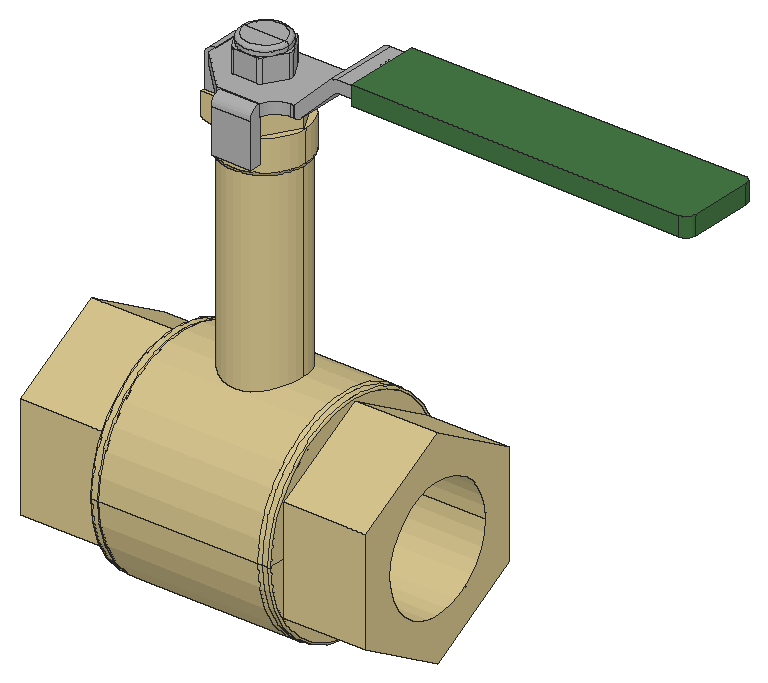
Revit family "QD24160000", category Apparecchi idraulici, Revit 2016
Family settings
  Tipo di parte = Normale
  Quota connettore circolare = Usa diametro
  Numero OmniClass = 23.45.00.00
  Titolo OmniClass = Sanitary, Laundry, and Cleaning Equipment
  Basato su piano di lavoro = No
  Sempre verticale = Sì
  Taglio con vuoti quando caricato = No
  Condiviso = No
  Punto di calcolo locali = No
Parameters
  URL = "https://web.cimberio.it/index.php/figura/1474?subcategoria_id=102"
  Produttore = "CIMBERIO SPA"
  DN Model [instance] = QD24161032 : QD24161032
  DN [instance] = 32 mm
Reference planes
  plane 1 "Centro (Fronte/Retro)": y = 0
  plane 2: z = 0
  plane 3 "Centro (Sinistra/Destra)": x = 0
Dimensions and locks
  aligned and locked: level to plane 2
Nested families
  nested 1: "QD24161032" at (0, 0, 0), type <- "DN Model", type "QD24161032"
    with DN 10 mm
  nested 2: "QD24161032" at (0, 0, 0), type <- "DN Model", type "QD24161032"
    with DN 10 mm
  nested 3: "QD24161032" at (0, 0, 0), type <- "DN Model", type "QD24161032"
    with DN 10 mm
  nested 4: "QD24161032" at (0, 0, 0), type <- "DN Model", type "QD24161032"
    with DN 10 mm
  nested 5: "QD24161032" at (0, 0, 0), type <- "DN Model", type "QD24161032"
    with DN 10 mm
  nested 6: "QD24161032" at (0, 0, 0), type <- "DN Model", type "QD24161032"
    with DN 10 mm
Connectors
  piping at (45.85, 0, 0), diameter 32, driven by "DN"
    settings: on nested 1, index 1, connector inside diameter 609.6 mm, connector length 0 mm, flow factor 0, pipe flow 0.0 L/s, pressure drop 0.0 Pa, fitting loss kfactor 0, connector angle 0.00°, fixture units 0, engagement length 0 mm, angle of deflection 0.00°, flow configuration 0, flow direction 0, fitting loss method 0, system type 7, joint type 0, gender type 0, connector reference index -1, connector utility 0, adjustable connector no, is connector primary yes, connector description ""
  piping at (-45.85, 0, 0), diameter 32, driven by "DN"
    settings: on nested 1, index 2, connector inside diameter 609.6 mm, connector length 0 mm, flow factor 0, pipe flow 0.0 L/s, pressure drop 0.0 Pa, fitting loss kfactor 0, connector angle 0.00°, fixture units 0, engagement length 0 mm, angle of deflection 0.00°, flow configuration 0, flow direction 0, fitting loss method 0, system type 7, joint type 0, gender type 0, connector reference index -1, connector utility 0, adjustable connector no, is connector primary no, connector description ""
Definition of nested family "QD24161032"
  Parameters (values of type "QD24161032")
    DN [instance] = 10 mm  # constant formula
  Reference planes
    plane 1 "Centro (Fronte/Retro)": y = 0
    plane 2: z = 0
    plane 3 "Centro (Sinistra/Destra)": x = 0
  Forms (mm)
    Revolve 1, solid
      sketch origin (0, 0, 0) x (1, 0, 0) y (0, 1, 0)
        loop
          arc (23.85, 27.75) -> (23.704, 28.104) -> (23.35, 28.25) r 0.5
          line (23.35, 28.25) -> (21.828, 28.25) -> (20.895, 28.5) -> (-21.151, 28.5) -> (-21.969, 28.25) -> (-23.35, 28.25)
          arc (-23.35, 28.25) -> (-23.704, 28.104) -> (-23.85, 27.75) r 0.5
          line (-23.85, 27.75) -> (-23.85, 16) -> (23.85, 16) -> (23.85, 27.75)
        axis (-23.85, 0) -> (23.85, 0)
      angle from 0 to 360
    Revolve 2, solid
      sketch origin (0, 0, 18.5) x (1, 0, 0) y (0, 0, 1)
        loop
          line (0, 69) -> (0, -1.967) -> (10.25, -1.967) -> (10.25, 60)
          arc (10.25, 60) -> (10.783, 60.251) -> (11, 60.798) r 0.8
          line (11, 60.798) -> (11, 69) -> (0, 69)
        axis (0, 69) -> (0, -1.967)
      angle from 0 to 360
    Extrusion 3, solid
      sketch origin (0, 0, 18.5) x (1, 0, 0) y (0, 0, 1)
        loop
          line (-16.001, 69) -> (-16.001, 63.767)
          arc (-16.001, 63.767) -> (-15.794, 63.159) -> (-15.26, 62.801) r 1
          line (-15.26, 62.801) -> (-9.887, 61.362) -> (-9.887, 69) -> (-16.001, 69)
      from 0 to 1.289
    Extrusion 4, solid
      sketch origin (0, 0, 47.05) x (1, 0, 0) y (0, 1, 0)
        loop
          line (5.202, 9.01) -> (-5.202, 9.01) -> (-10.404, 0) -> (-5.202, -9.01) -> (5.202, -9.01) -> (10.404, 0) -> (5.202, 9.01)
      from 40.45 to 48.35
    Extrusion 5, solid
      sketch origin (0, 0, 47.05) x (1, 0, 0) y (0, 1, 0)
        loop
          line (-13, -2.3) -> (-2.3, -13) -> (9.101, -13)
          arc (9.101, -13) -> (10.838, -10.127) -> (14, -9) r 5
          line (14, -9) -> (15, -9) -> (15, 9) -> (-13, 9) -> (-13, -2.3)
      from 48.35 to 51.35
    Extrusion 6, solid
      sketch origin (-1.801, 0, 18.5) x (1, 0, 0) y (0, 0, 1)
        loop
          arc (-11.185, 79.9) -> (-13.316, 79.026) -> (-14.2, 76.899) r 3.001
          line (-14.2, 76.899) -> (-14.2, 65.398) -> (-11.185, 65.398) -> (-11.185, 79.9)
      from -9.01 to 0
    Extrusion 7, solid
      sketch origin (-11, -1.801, 18.5) x (0, 0, 1) y (0, 1, 0)
        loop
          line (79.9, -11.199) -> (65.398, -11.199) -> (65.398, -14.199) -> (76.9, -14.199)
          arc (76.9, -14.199) -> (79.021, -13.32) -> (79.9, -11.199) r 3
      from -20 to -9.7
    Revolve 8, solid
      sketch origin (0, 0, 18.5) x (1, 0, 0) y (0, 0, 1)
        loop
          line (0, 87.9) -> (0, 85.9) -> (6.25, 85.9) -> (6.25, 86.9)
          arc (6.25, 86.9) -> (5.957, 87.607) -> (5.25, 87.9) r 1
          line (5.25, 87.9) -> (0, 87.9)
        axis (0, 87.9) -> (0, 85.9)
      angle from 0 to 360
    Extrusion 9, solid
      sketch origin (-0.001, 0, 47.05) x (0.978161, 0.20785, 0) y (-0.20785, 0.978161, 0)
        loop
          line (-2.837, 6.559) -> (-6.849, 2.103)
          arc (-6.849, 2.103) -> (-7.147, 1.519) -> (-7.112, 0.865) r 1.266
          line (-7.112, 0.865) -> (-5.258, -4.841)
          arc (-5.258, -4.841) -> (-4.882, -5.422) -> (-4.265, -5.736) r 1.336
          line (-4.265, -5.736) -> (1.577, -6.978)
          arc (1.577, -6.978) -> (2.256, -6.942) -> (2.825, -6.572) r 1.312
          line (2.825, -6.572) -> (6.834, -2.119)
          arc (6.834, -2.119) -> (7.141, -1.518) -> (7.106, -0.844) r 1.304
          line (7.106, -0.844) -> (5.258, 4.844)
          arc (5.258, 4.844) -> (4.882, 5.422) -> (4.267, 5.735) r 1.333
          line (4.267, 5.735) -> (-1.56, 6.974)
          arc (-1.56, 6.974) -> (-2.254, 6.937) -> (-2.837, 6.559) r 1.343
      from 51.35 to 57.35
    Extrusion 10, solid
      sketch origin (0, 0, 36.55) x (1, 0, 0) y (0, 1, 0)
        loop
          arc (121.003, 8.242) -> (120.265, 10.025) -> (118.481, 10.763) r 2.522
          line (118.481, 10.763) -> (31.003, 10) -> (31.003, -10) -> (118.505, -10.761)
          arc (118.505, -10.761) -> (120.272, -10.03) -> (121.003, -8.264) r 2.498
          line (121.003, -8.264) -> (121.003, 8.242)
      from 67.85 to 72.85
    Extrusion 11, solid
      sketch origin (-11, 0, 0) x (0, 0, 1) y (0, 1, 0)
        loop
          circle (0, 0) r 16
        loop
          line (27.4, 0) -> (13.7, 23.729) -> (-13.7, 23.729) -> (-27.4, 0) -> (-13.7, -23.729) -> (13.7, -23.729) -> (27.4, 0)
      from 12.85 to 34.85
    Extrusion 12, solid
      sketch origin (0, 0, 4.5) x (1, 0, 0) y (0, 0, 1)
        loop
          line (15, 93.9) -> (15, 90.9)
          arc (15, 90.9) -> (16.149, 91.129) -> (17.123, 91.78) r 3
          line (17.123, 91.78) -> (26.243, 100.9) -> (31.003, 100.9) -> (31.003, 103.9) -> (26.243, 103.9)
          arc (26.243, 103.9) -> (25.095, 103.672) -> (24.121, 103.021) r 3
          line (24.121, 103.021) -> (15, 93.9)
      from -9.01 to 9.01
    Extrusion 13, solid
      sketch origin (11, 0, 0) x (0, 0, 1) y (0, -1, 0)
        loop
          circle (0, 0) r 16
        loop
          line (27.4, 0) -> (13.7, 23.729) -> (-13.7, 23.729) -> (-27.4, 0) -> (-13.7, -23.729) -> (13.7, -23.729) -> (27.4, 0)
      from 12.85 to 34.85
  Dimensions and locks
    aligned and locked: level to plane 2
